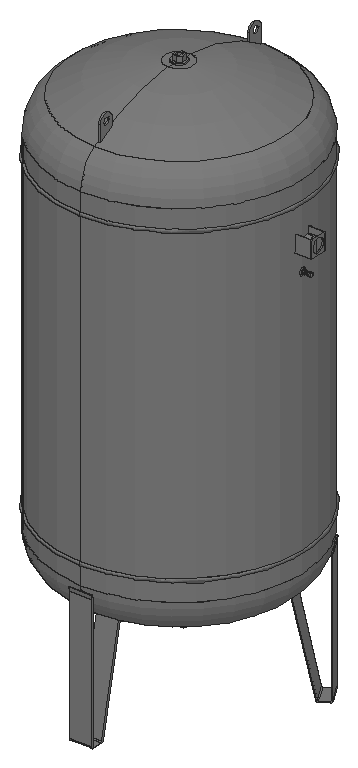
Revit family "MIT-2000-ET (Vertical)", category Specialty Equipment, Revit 2022
Family settings
  Round Connector Dimension = Use Diameter
  Part Type = Normal
  Work Plane-Based = No
  Always vertical = Yes
  Cut with Voids When Loaded = No
  Maintain Annotation Orientation = No
  Shared = No
  Room Calculation Point = No
Parameters
  URL = "https://en.ekinendustriyel.com/expansion-tanks"
  Test Pressure = 15.0 bar
  Production Standard = "TS EN 13831"
  Precharge Pressure = 4.0 bar
  Operating Pressure = 10.0 bar
  Model = "MIT-2000-ET_(Vertical)"
  Manufacturer = "Ekin Endüstriyel"
  Keynote = "Expension Tank"
  Description = "MIT-Expension Tank"
  Default Elevation = 0 mm
Reference planes
  plane 1 "Center (Front/Back)": y = 0
  plane 2: z = 0
  plane 3 "Center (Left/Right)": x = 0
Forms (mm)
  Revolve 1, solid, material "Ekin Endustriyel-S235JR", detail levels medium+fine
    sketch origin (0, -5374.015, 98.319) x (0, 1, 0) y (0, 0, 1)
      loop
        line (5374.015, 2400.055) -> (5374.015, 2396.055) -> (5435.897, 2396.055)
        arc (5435.897, 2396.055) -> (5647.147, 2349.885) -> (5842.125, 2256.389) r 934.297
        arc (5842.125, 2256.389) -> (5899.269, 2195.753) -> (5920.038, 2115.064) r 167.13
        line (5920.038, 2115.064) -> (5920.038, 538.601)
        arc (5920.038, 538.601) -> (5900.196, 459.901) -> (5845.414, 400.014) r 166
        arc (5845.414, 400.014) -> (5691.685, 319.315) -> (5525.035, 270.603) r 873.795
        arc (5525.035, 270.603) -> (5522.946, 269.864) -> (5521.14, 268.58) r 7.984
        arc (5521.14, 268.58) -> (5497.969, 252.602) -> (5471.045, 244.396) r 91.784
        line (5471.045, 244.396) -> (5374.015, 244.396) -> (5374.015, 240.396) -> (5471.327, 240.396)
        arc (5471.327, 240.396) -> (5499.579, 248.937) -> (5523.889, 265.674) r 95.784
        arc (5523.889, 265.674) -> (5524.778, 266.309) -> (5525.807, 266.678) r 3.984
        arc (5525.807, 266.678) -> (5693.201, 315.613) -> (5847.616, 396.675) r 877.795
        arc (5847.616, 396.675) -> (5903.718, 458.004) -> (5924.038, 538.601) r 170
        line (5924.038, 538.601) -> (5924.038, 619.66)
        arc (5924.038, 619.66) -> (5931.038, 626.66) -> (5924.038, 633.66) r 7
        line (5924.038, 633.66) -> (5924.038, 2019.807)
        arc (5924.038, 2019.807) -> (5931.038, 2026.807) -> (5924.038, 2033.807) r 7
        line (5924.038, 2033.807) -> (5924.038, 2115.064)
        arc (5924.038, 2115.064) -> (5902.772, 2197.684) -> (5844.26, 2259.771) r 171.13
        arc (5844.26, 2259.771) -> (5648.353, 2353.7) -> (5436.095, 2400.055) r 938.297
        line (5436.095, 2400.055) -> (5374.015, 2400.055)
      axis (5374.015, 240.396) -> (5374.015, 2400.055)
    angle from 0 to 360
  Extrusion 2, solid, material "Ekin Endustriyel-S235JR", detail levels coarse
    sketch origin (7881.66, -13248.976, 122.286) x (0, 1, 0) y (-1, 0, 0)
      loop
        circle (13249.096, 7881.66) r 555
    from 216.437 to 2376.088
  Extrusion 3, solid, material "Ekin Endustriyel-S235JR", detail levels fine
    sketch origin (-910.329, -6586.055, 414.431) x (0, 1, 0) y (0, 0, 1)
      loop
        arc (6137.037, 1956.921) -> (6169.074, 1975.589) -> (6201.99, 1992.658) r 753.258
        line (6201.99, 1992.658) -> (6201.99, 2026.199)
        arc (6201.99, 2026.199) -> (6169.514, 2058.675) -> (6137.037, 2026.199) r 32.477
        line (6137.037, 2026.199) -> (6137.037, 1956.921)
      loop
        circle (6169.519, 2026.465) r 17
      loop
        line (7035.072, 1956.921) -> (7035.072, 2026.199)
        arc (7035.072, 2026.199) -> (7002.596, 2058.675) -> (6970.119, 2026.199) r 32.477
        line (6970.119, 2026.199) -> (6970.119, 1992.658)
        arc (6970.119, 1992.658) -> (7003.036, 1975.589) -> (7035.072, 1956.921) r 753.258
      loop
        circle (7002.591, 2026.465) r 17
    from 910.31 to 917.338
  Extrusion 4, solid, material "Ekin Endustriyel-S235JR", detail levels medium+fine
    sketch origin (2.097, -50.747, 0) x (-0.866025, 0.5, 0) y (0, 0, 1)
      loop
        line (577.19, 597) -> (580.624, 614.669) -> (576.698, 615.433) -> (573.19, 597.385) -> (573.19, 7)
        arc (573.19, 7) -> (571.725, 3.464) -> (568.19, 2) r 5
        line (568.19, 2) -> (524.903, 2)
        arc (524.903, 2) -> (521.756, 3.114) -> (520.012, 5.96) r 5
        line (520.012, 5.96) -> (425.764, 449.365) -> (421.851, 448.533) -> (516.222, 4.553)
        arc (516.222, 4.553) -> (518.654, 0.584) -> (523.043, -0.97) r 6.973
        line (523.043, -0.97) -> (570.233, -0.97)
        arc (570.233, -0.97) -> (575.152, 1.068) -> (577.19, 5.987) r 6.957
        line (577.19, 5.987) -> (577.19, 597)
    from -7.1 to 92.9
  Extrusion 5, solid, material "Ekin Endustriyel-S235JR", detail levels medium+fine
    sketch origin (2.097, -50.747, 0) x (0, -1, 0) y (0, 0, 1)
      loop
        line (502.687, 614.669) -> (498.761, 615.433) -> (495.253, 597.385) -> (495.253, 7)
        arc (495.253, 7) -> (493.788, 3.464) -> (490.253, 2) r 5
        line (490.253, 2) -> (446.966, 2)
        arc (446.966, 2) -> (443.82, 3.114) -> (442.075, 5.96) r 5
        line (442.075, 5.96) -> (347.827, 449.365) -> (343.914, 448.533) -> (438.079, 5.523)
        arc (438.079, 5.523) -> (440.511, 1.554) -> (444.9, 0) r 6.973
        line (444.9, 0) -> (492.296, 0)
        arc (492.296, 0) -> (497.215, 2.038) -> (499.253, 6.957) r 6.957
        line (499.253, 6.957) -> (499.253, 597) -> (502.687, 614.669)
    from -47.903 to 52.097
  Extrusion 6, solid, material "Ekin Endustriyel-S235JR", detail levels medium+fine
    sketch origin (2.097, -50.747, 0) x (0.866025, 0.5, 0) y (0, 0, 1)
      loop
        line (576.992, 614.669) -> (573.065, 615.433) -> (569.557, 597.385) -> (569.557, 7)
        arc (569.557, 7) -> (568.093, 3.464) -> (564.557, 2) r 5
        line (564.557, 2) -> (521.27, 2)
        arc (521.27, 2) -> (518.124, 3.114) -> (516.38, 5.96) r 5
        line (516.38, 5.96) -> (422.131, 449.365) -> (418.219, 448.533) -> (512.383, 5.523)
        arc (512.383, 5.523) -> (514.816, 1.554) -> (519.204, 0) r 6.973
        line (519.204, 0) -> (566.601, 0)
        arc (566.601, 0) -> (571.52, 2.038) -> (573.557, 6.957) r 6.957
        line (573.557, 6.957) -> (573.557, 597) -> (576.992, 614.669)
    from -94.997 to 5.003
  Extrusion 7, solid, material "Ekin Endustriyel-S235JR", detail levels coarse
    sketch origin (2.097, -50.747, 0) x (-0.866025, 0.5, 0) y (0, 0, 1)
      loop
        line (577.19, 338.723) -> (445.192, 338.723) -> (516.016, 5.523)
        arc (516.016, 5.523) -> (518.448, 1.554) -> (522.836, 0) r 6.973
        line (522.836, 0) -> (570.233, 0)
        arc (570.233, 0) -> (575.152, 2.038) -> (577.19, 6.957) r 6.957
        line (577.19, 6.957) -> (577.19, 338.723)
    from -7.1 to 92.9
  Extrusion 8, solid, material "Ekin Endustriyel-S235JR", detail levels coarse
    sketch origin (2.097, -50.747, 0) x (0, -1, 0) y (0, 0, 1)
      loop
        line (499.253, 338.723) -> (367.255, 338.723) -> (438.079, 5.523)
        arc (438.079, 5.523) -> (440.511, 1.554) -> (444.9, 0) r 6.973
        line (444.9, 0) -> (492.296, 0)
        arc (492.296, 0) -> (497.215, 2.038) -> (499.253, 6.957) r 6.957
        line (499.253, 6.957) -> (499.253, 338.723)
    from -47.903 to 52.097
  Extrusion 9, solid, material "Ekin Endustriyel-S235JR", detail levels coarse
    sketch origin (2.097, -50.747, 0) x (0.866025, 0.5, 0) y (0, 0, 1)
      loop
        line (573.557, 338.723) -> (441.56, 338.723) -> (512.383, 5.523)
        arc (512.383, 5.523) -> (514.816, 1.554) -> (519.204, 0) r 6.973
        line (519.204, 0) -> (566.601, 0)
        arc (566.601, 0) -> (571.52, 2.038) -> (573.557, 6.957) r 6.957
        line (573.557, 6.957) -> (573.557, 338.723)
    from -94.997 to 5.003
  Extrusion 10, solid, material "Ekin Endustriyel-S235JR", detail levels coarse
    sketch origin (321.798, -0.358, 1170) x (1, 0, 0) y (0, 1, 0)
      loop
        line (226.508, -39.142) -> (298.922, -39.142) -> (298.922, 39.858) -> (226.683, 39.858)
        arc (226.683, 39.858) -> (229.034, 19.99) -> (229.819, 0) r 254.819
        arc (229.819, 0) -> (228.99, -19.641) -> (226.508, -39.142) r 233
    from 767.5 to 842.5
  Extrusion 11, solid, material "Ekin Endustriyel-S235JR", detail levels medium+fine
    sketch origin (321.798, -0.358, 1170) x (1, 0, 0) y (0, 1, 0)
      loop
        line (296.322, 39.858) -> (226.683, 39.858)
        arc (226.683, 39.858) -> (226.839, 38.858) -> (226.992, 37.858) r 254.819
        line (226.992, 37.858) -> (296.322, 37.858)
        arc (296.322, 37.858) -> (296.747, 37.682) -> (296.922, 37.258) r 0.6
        line (296.922, 37.258) -> (296.922, -36.542)
        arc (296.922, -36.542) -> (296.747, -36.967) -> (296.322, -37.142) r 0.6
        line (296.322, -37.142) -> (227.098, -37.142)
        arc (227.098, -37.142) -> (226.949, -38.143) -> (226.795, -39.142) r 254.819
        line (226.795, -39.142) -> (296.322, -39.142)
        arc (296.322, -39.142) -> (298.161, -38.381) -> (298.922, -36.542) r 2.6
        line (298.922, -36.542) -> (298.922, 37.258)
        arc (298.922, 37.258) -> (298.161, 39.096) -> (296.322, 39.858) r 2.6
    from 767.5 to 842.5
  Extrusion 12, void
    sketch origin (620.72, -36.9, 1170) x (0, 1, 0) y (0, 0, 1)
      loop
        circle (36.9, 805) r 32.5
    from -2 to 0
  Revolve 13, solid, material "Ekin Endustriyel-S235JR", detail levels fine
    sketch origin (321.798, -0.358, 1170) x (1, 0, 0) y (0, 0, 1)
      loop
        line (230, 811.5) -> (230, 805) -> (288.499, 805) -> (288.499, 837.415) -> (283.499, 837.415) -> (283.499, 835.016) -> (279.483, 835.016)
        arc (279.483, 835.016) -> (278.774, 834.723) -> (278.48, 834.013) r 1.003
        line (278.48, 834.013) -> (253.48, 834.013) -> (253.48, 815.002) -> (252.5, 815.002)
        arc (252.5, 815.002) -> (252.139, 814.657) -> (252, 814.178) r 0.964
        line (252, 814.178) -> (252, 812.305) -> (245, 812.305) -> (245, 811.5) -> (230, 811.5)
      axis (230, 805) -> (288.499, 805)
    angle from 0 to 360
  Revolve 14, solid, material "Ekin Endustriyel-S235JR", detail levels fine
    sketch origin (320.041, -0.358, 1042.5) x (1, 0, 0) y (0, 0, 1)
      loop
        line (229.96, 805) -> (275.561, 805)
        arc (275.561, 805) -> (274.758, 808.458) -> (272.513, 811.208) r 7.847
        line (272.513, 811.208) -> (261.504, 811.208) -> (261.504, 812.005) -> (260.479, 812.005) -> (260.479, 810.108) -> (259.639, 809.269) -> (258.962, 809.946) -> (258.285, 809.269) -> (257.608, 809.946) -> (256.931, 809.269) -> (256.254, 809.946) -> (255.577, 809.269) -> (254.899, 809.946) -> (254.222, 809.269) -> (253.545, 809.946) -> (252.868, 809.269) -> (252.191, 809.946) -> (251.514, 809.269) -> (250.837, 809.946) -> (250.16, 809.269) -> (249.483, 809.946) -> (248.806, 809.269) -> (248.128, 809.946) -> (247.451, 809.269) -> (246.774, 809.946) -> (246.097, 809.269) -> (245.42, 809.946) -> (244.743, 809.269) -> (244.066, 809.946) -> (243.389, 809.269) -> (242.712, 809.946) -> (242.035, 809.269) -> (241.357, 809.946) -> (240.68, 809.269) -> (240.003, 809.946) -> (239.326, 809.269) -> (238.649, 809.946) -> (237.972, 809.269) -> (237.295, 809.946) -> (236.618, 809.269) -> (235.941, 809.946) -> (235.264, 809.269) -> (234.586, 809.946) -> (233.909, 809.269) -> (233.232, 809.946) -> (232.555, 809.269) -> (232.001, 809.823) -> (232.001, 814.435) -> (232.001, 819.99) -> (229.96, 819.99) -> (229.96, 805)
      axis (229.96, 805) -> (275.561, 805)
    angle from 0 to 360
  Extrusion 15, solid, material "Ekin Endustriyel-S235JR", detail levels fine
    sketch origin (320.041, -0.358, 1124.296) x (0, 1, 0) y (0, 0, 1)
      loop
        line (0.348, 732.628) -> (-7.805, 727.921) -> (-7.805, 718.507) -> (0.348, 713.8) -> (8.5, 718.507) -> (8.5, 727.921) -> (0.348, 732.628)
    from 232.001 to 240.003
  Extrusion 16, solid, material "Ekin Endustriyel-S235JR", detail levels coarse
    sketch origin (-663.114, -426.277, 339.218) x (1, 0, 0) y (0, 1, 0)
      loop
        circle (663.114, 426.414) r 150
    from -23.5 to -13.542
  Revolve 17, solid, material "Ekin Endustriyel-S235JR", detail levels fine
    sketch origin (1884.269, 0.217, 280.74) x (1, 0, 0) y (0, 0, 1)
      loop
        line (-1917.384, -21.889) -> (-1909.828, -21.889) -> (-1907.892, -20.316) -> (-1909.118, -19.32) -> (-1907.892, -18.324) -> (-1909.118, -17.327) -> (-1907.892, -16.331) -> (-1909.118, -15.335) -> (-1907.892, -14.339) -> (-1909.118, -13.343) -> (-1907.892, -12.346) -> (-1909.118, -11.35) -> (-1907.892, -10.354) -> (-1909.118, -9.358) -> (-1907.892, -8.361) -> (-1909.118, -7.365) -> (-1907.892, -6.369) -> (-1909.118, -5.373) -> (-1907.892, -4.377) -> (-1909.118, -3.38) -> (-1907.892, -2.384) -> (-1909.118, -1.388) -> (-1907.892, -0.392) -> (-1909.118, 0.605) -> (-1907.892, 1.601) -> (-1909.118, 2.597) -> (-1907.892, 3.593) -> (-1909.118, 4.589) -> (-1907.892, 5.586) -> (-1909.118, 6.582) -> (-1907.892, 7.578) -> (-1909.118, 8.574) -> (-1907.892, 9.571) -> (-1909.118, 10.567) -> (-1907.892, 11.563) -> (-1909.118, 12.559) -> (-1907.892, 13.555) -> (-1909.118, 14.552) -> (-1907.892, 15.548) -> (-1909.118, 16.544) -> (-1907.892, 17.54) -> (-1909.118, 18.537) -> (-1907.384, 19.945) -> (-1907.384, 33.093)
        arc (-1907.384, 33.093) -> (-1907.936, 34.426) -> (-1909.269, 34.978) r 1.885
        line (-1909.269, 34.978) -> (-1917.384, 34.978) -> (-1917.384, -21.889)
      axis (-1884.269, 34.978) -> (-1884.269, -21.889)
    angle from 0 to 360
  Extrusion 18, solid, material "Ekin Endustriyel-S235JR", detail levels fine
    sketch origin (-672.202, -409.557, 345.368) x (1, 0, 0) y (0, 1, 0)
      loop
        circle (534.664, 409.557) r 6
      loop
        circle (809.741, 409.557) r 6
      loop
        circle (672.202, 547.095) r 6
      loop
        circle (672.202, 272.018) r 6
      loop
        circle (574.948, 506.811) r 6
      loop
        circle (769.457, 312.302) r 6
      loop
        circle (769.457, 506.811) r 6
      loop
        circle (574.948, 312.302) r 6
    from 0.262 to -29.241
  Extrusion 19, solid, material "Ekin Endustriyel-S235JR", detail levels medium
    sketch origin (1329.894, -1405.14, 311.74) x (0, 1, 0) y (1, 0, 0)
      loop
        circle (1405.357, -1330) r 33.189
      loop
        circle (1405.357, -1330) r 24.638
    from 52.889 to -3.978
  Extrusion 20, solid, material "Ekin Endustriyel-S235JR", detail levels coarse
    sketch origin (1330.207, -1405.14, 311.74) x (0, 1, 0) y (1, 0, 0)
      loop
        arc (1372.168, -1330) -> (1388.495, -1358.586) -> (1421.412, -1359.048) r 33.189
        arc (1421.412, -1359.048) -> (1422.22, -1301.414) -> (1372.168, -1330) r 33.189
    from -3.978 to 52.889
  Extrusion 21, solid, material "Ekin Endustriyel-S235JR", detail levels medium+fine
    sketch origin (-663.114, -1231.277, 380.263) x (0, 1, 0) y (1, 0, 0)
      loop
        circle (1231.414, 663.114) r 150
      loop
        circle (1231.396, 525.584) r 5.994
      loop
        circle (1112.301, 594.364) r 5.994
      loop
        circle (1350.527, 594.364) r 5.994
      loop
        circle (1231.396, 800.644) r 5.994
      loop
        circle (1350.527, 731.864) r 5.994
      loop
        circle (1112.301, 731.864) r 5.994
    from 46.54 to 41.54
  Extrusion 22, solid, material "Ekin Endustriyel-S235JR", detail levels medium+fine
    sketch origin (3869.838, -4745.781, 2501.193) x (0, 1, 0) y (-1, 0, 0)
      loop
        circle (4745.469, 3869.844) r 11
      loop
        line (4730.56, 3886.032) -> (4723.995, 3865.027) -> (4738.903, 3848.838) -> (4760.377, 3853.655) -> (4766.943, 3874.661) -> (4752.034, 3890.849) -> (4730.56, 3886.032)
    from 0.181 to 23
  Extrusion 23, solid, material "Ekin Endustriyel-S235JR", detail levels coarse
    sketch origin (3869.838, -4745.781, 2501.193) x (0, 1, 0) y (-1, 0, 0)
      loop
        line (4730.56, 3886.032) -> (4723.995, 3865.027) -> (4738.903, 3848.838) -> (4760.377, 3853.655) -> (4766.943, 3874.661) -> (4752.034, 3890.849) -> (4730.56, 3886.032)
    from -2.819 to 23
  Extrusion 24, solid, material "Ekin Endustriyel-S235JR", detail levels medium+fine
    sketch origin (3869.838, -4745.781, 2501.193) x (0, 1, 0) y (-1, 0, 0)
      loop
        circle (4745.827, 3869.844) r 32.5
    from -2.819 to 0.181
  Extrusion 25, solid, material "Ekin Endustriyel-S235JR", detail levels coarse
    sketch origin (-663.114, -426.277, 350.279) x (1, 0, 0) y (0, 1, 0)
      loop
        circle (663.114, 426.414) r 150
    from -16.556 to -11.556
  Extrusion 26, solid, material "Ekin Endustriyel-S235JR", detail levels medium+fine
    sketch origin (-663.114, -1231.277, 381.279) x (0, 1, 0) y (1, 0, 0)
      loop
        circle (1231.414, 663.114) r 150
      loop
        circle (1231.396, 525.584) r 5.994
      loop
        circle (1112.301, 594.364) r 5.994
      loop
        circle (1350.527, 594.364) r 5.994
      loop
        circle (1231.396, 800.644) r 5.994
      loop
        circle (1350.527, 731.864) r 5.994
    from 47.556 to 42.556
  Extrusion 27, solid, material "Ekin Endustriyel-S235JR", detail levels fine
    sketch origin (-456.831, -583.175, 382.86) x (-0.339703, 0.940533, 0) y (0.940533, 0.339703, 0)
      loop
        line (431.915, 491.303) -> (442.297, 487.728) -> (450.583, 494.932) -> (448.488, 505.71) -> (438.107, 509.284) -> (429.82, 502.081) -> (431.915, 491.303)
      loop
        line (335.801, 757.413) -> (341.077, 747.784) -> (352.054, 747.538) -> (357.755, 756.921) -> (352.479, 766.55) -> (341.502, 766.796) -> (335.801, 757.413)
      loop
        line (530.023, 666.262) -> (533.598, 676.643) -> (526.395, 684.93) -> (515.617, 682.835) -> (512.042, 672.453) -> (519.246, 664.167) -> (530.023, 666.262)
      loop
        line (263.914, 570.148) -> (273.543, 575.424) -> (273.789, 586.401) -> (264.405, 592.102) -> (254.776, 586.826) -> (254.53, 575.849) -> (263.914, 570.148)
      loop
        line (517.205, 558.464) -> (527.073, 563.277) -> (527.839, 574.23) -> (518.736, 580.369) -> (508.868, 575.556) -> (508.102, 564.603) -> (517.205, 558.464)
      loop
        line (261.074, 678.669) -> (271.613, 675.59) -> (279.549, 683.178) -> (276.945, 693.845) -> (266.406, 696.923) -> (258.47, 689.335) -> (261.074, 678.669)
      loop
        line (463.686, 751.849) -> (458.873, 761.717) -> (447.92, 762.483) -> (441.78, 753.38) -> (446.593, 743.512) -> (457.546, 742.746) -> (463.686, 751.849)
      loop
        line (343.481, 495.718) -> (346.559, 506.257) -> (338.971, 514.193) -> (328.305, 511.589) -> (325.227, 501.05) -> (332.815, 493.114) -> (343.481, 495.718)
    from 67.142 to 74.733
Cuts and joins
  Extrusion 12 cuts Extrusion 11
Dimensions and locks
  aligned and locked: level to plane 2
Connectors
  piping at (-0.106, 0.217, 258.851), diameter 25.4
    settings: on Extrusion 19, index 3, connector inside diameter 609.6 mm, connector length 0 mm, flow factor 0, pipe flow 0.0 L/s, pressure drop 0.0 Pa, fitting loss kfactor 0, connector angle 0.00°, fixture units 0, engagement length 0 mm, angle of deflection 0.00°, flow configuration 0, flow direction 0, fitting loss method 0, system type 7, joint type 0, gender type 0, connector reference index -1, connector utility 0, adjustable connector no, is connector primary yes, connector description ""
